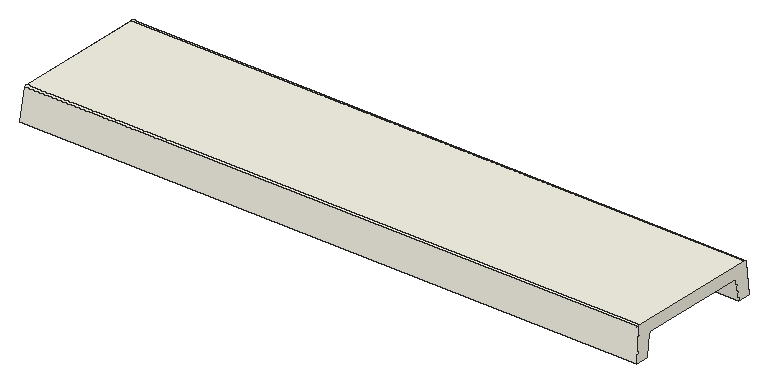
Revit family "Albardilla MAP remate.C-1", category Modelos genéricos, Revit 2020
Family settings
  Puede alojar armadura = No
  Cota de conector redondo = Diámetro de uso
  Tipo de pieza = Normal
  Se basa en plano de trabajo = No
  Siempre vertical = No
  Corte con vacíos al cargar = No
  Compartido = No
  Punto de cálculo de habitación = No
Parameters (values of type "RMAP12")
  Visibilidad una fila = if(Ancho < 290 mm, 2 = 2, 2 = 3)  # yes
  Visibilidad dos filas = if(Ancho < 290 mm, 2 = 3, 2 = 2)  # no
  Mitad = Ancho total / 2  # 85 mm
  Longitud vaciado = if(Ancho > 250 mm, 485 mm, 735 mm)  # 735 mm
  Descripción = "Pieza de hormigón polímero con anclaje de acero inoxidable."
  URL = "https://www.ulmaarchitectural.com/es-es"
  Nº filas anclajes [instance] = 2  # constant formula
  Modelo = "Albardilla MAP12 remate"
  Material = Hormigón polímero STONEO. Color C-1
  Longitud real [instance] = if(Ancho > 250 mm, 500 mm, 750 mm)  # 750 mm
  Fabricante = "ULMA Architectural Solutions"
  Elevación por defecto = 0 mm
  Dist. entre anclajes [instance] = if(Longitud real < 700 mm, 280 mm, 470 mm)  # 470 mm
  Dist primer anclaje [instance] = if(Longitud real < 700 mm, 125 mm, 150 mm)  # 150 mm
  Código de montaje = "RMAP12"
  Ancho vaciado = Ancho total - 30 mm  # 140 mm
  Ancho total = Ancho + 50 mm  # 170 mm
  Ancho doble = Ancho / 4  # 30 mm
  Ancho = 120 mm
  Altura = if(Ancho > 250 mm, 46 mm, 44 mm)  # 44 mm
Types (8, lengths in mm): name | Visibilidad una fila | Visibilidad dos filas | Mitad | Longitud vaciado | Modelo | Longitud real | Dist. entre anclajes | Dist primer anclaje | Código de montaje | Ancho vaciado | Ancho total | Ancho doble | Ancho | Altura
  (no name) | yes | no | 85 | 735 | "Albardilla MAP12 remate" | 750 | 470 | 150 | "RMAP12" | 140 | 170 | 30 | 120 | 44
  RMAP12 | yes | no | 85 | 735 | "Albardilla MAP12 remate" | 750 | 470 | 150 | "RMAP12" | 140 | 170 | 30 | 120 | 44
  RMAP14 | yes | no | 95 | 735 | "Albardilla MAP14 remate" | 750 | 470 | 150 | "RMAP14" | 160 | 190 | 35 | 140 | 44
  RMAP17 | yes | no | 110 | 735 | "Albardilla MAP17 remate" | 750 | 470 | 150 | "RMAP17" | 190 | 220 | 42.5 | 170 | 44
  RMAP22 | yes | no | 135 | 735 | "Albardilla MAP22 remate" | 750 | 470 | 150 | "RMAP22" | 240 | 270 | 55 | 220 | 44
  RMAP25 | yes | no | 155 | 485 | "Albardilla MAP25 remate" | 500 | 280 | 125 | "RMAP25" | 280 | 310 | 65 | 260 | 46
  RMAP30 | no | yes | 180 | 485 | "Albardilla MAP30 remate" | 500 | 280 | 125 | "RMAP30" | 330 | 360 | 77.5 | 310 | 46
  RMAP19 | yes | no | 120 | 735 | "Albardilla MAP19 remate" | 750 | 470 | 150 | "RMAP19" | 210 | 240 | 47.5 | 190 | 44
Reference planes
  plane 1 "Centro (Frontal/Posterior)": y = 0
  plane 2: z = 0
  plane 3 "Centro (Izquierda/Derecha)": x = 0
  plane 4: y = 30
  plane 5: y = -30
  plane 6: x = 85
Forms (mm)
  Extrusion 1, solid, material "Hormigón polímero STONEO. Color C-1" <- "Material"
    sketch origin (0, 0, 0) x (0, 1, 0) y (0, 0, 1)
      loop
        line (85, 0) -> (81.66, 38.174)
        arc (81.66, 38.174) -> (81.019, 39.475) -> (79.668, 40) r 2
        line (79.668, 40) -> (-79.668, 40)
        arc (-79.668, 40) -> (-81.019, 39.475) -> (-81.66, 38.174) r 2
        line (-81.66, 38.174) -> (-85, 0) -> (85, 0)
    from 0 to 750
  Extrusion 2, void
    sketch origin (0, 0, 0) x (1, 0, 0) y (0, 0, 1)
      loop
        line (0, 0) -> (3.372, 38.542)
        arc (3.372, 38.542) -> (3.986, 39.817) -> (5.289, 40.366) r 2
        line (5.289, 40.366) -> (85, 44) -> (85, 116) -> (-175, 116) -> (-175, 0) -> (0, 0)
    from -248.175 to 250
  Sweep 3, void
    path origin (0, 85, 0) x (-1, 0, 0) y (0, -1, 0)
      loop
        line (-750, 0) -> (-15, 0)
    profile origin (382.5, 85, 0) x (0, -1, 0) y (0, 0, 1)
      loop
        line (155, 0) -> (150.707, 24.347)
        arc (150.707, 24.347) -> (150.023, 25.532) -> (148.737, 26) r 2
        line (148.737, 26) -> (21.263, 26)
        arc (21.263, 26) -> (19.977, 25.532) -> (19.293, 24.347) r 2
        line (19.293, 24.347) -> (15, 0) -> (155, 0)
Cuts and joins
  Extrusion 2, Sweep 3 cuts Extrusion 1
Dimensions and locks
  "Longitud real": Extrusion 1 to Extrusion 1
  group 1 to group 2 = 470 mm
  group 1 to group 2 = 0 mm  (x2)
  "Ancho doble": plane 4 to plane 1 "Centro (Frontal/Posterior)" to plane 5
  "Dist primer anclaje": Extrusion 1 to nested 3
  group 3 to group 4 = 470 mm
  group 3 to group 4 = 0 mm  (x2)
  "Dist. entre anclajes": nested 3 to nested 4
  "Dist primer anclaje": plane 3 "Centro (Izquierda/Derecha)" to nested 5
  group 5 to group 6 = 470 mm
  group 5 to group 6 = 0 mm  (x2)
  "Dist. entre anclajes": nested 5 to nested 6
  "Dist. entre anclajes": nested 1 to nested 2
  "Dist primer anclaje": Extrusion 1 to nested 1
  "Mitad": plane 6 to plane 3 "Centro (Izquierda/Derecha)"
  Extrusion 2 sketch curve to level = 116 mm
  Extrusion 2 sketch curve to plane 6 = 260 mm
  "Ancho total": Extrusion 1 sketch curve to Extrusion 1 sketch curve
  equal spacing: Extrusion 1 sketch curve, plane 1 "Centro (Frontal/Posterior)", Extrusion 1 sketch curve
  "Altura": Extrusion 2 sketch curve to cut or joined group of Extrusion 1, Extrusion 2, Sweep 3
  Extrusion 2 sketch curve to Extrusion 2 sketch curve = 40.366 mm
  "Longitud vaciado": Sweep 3 sketch curve to cut or joined group of Extrusion 1, Extrusion 2, Sweep 3
  cut or joined group of Extrusion 1, Extrusion 2, Sweep 3 to Sweep 3 sketch curve = 26 mm
  Sweep 3 sketch curve to profile plane = 15 mm
  "Ancho vaciado": Sweep 3 sketch curve to Sweep 3 sketch curve
  radius of Extrusion 2 sketch curve = 2 mm
  radius of Sweep 3 sketch curve = 2 mm  (x2)
  radius of Extrusion 1 sketch curve = 2 mm  (x2)
  angle level to Extrusion 2 sketch curve = 85.00°
  angle Sweep 3 sketch curve to cut or joined group of Extrusion 1, Extrusion 2, Sweep 3 = 100.00°
  angle Sweep 3 sketch curve to cut or joined group of Extrusion 1, Extrusion 2, Sweep 3 = 80.00°
  aligned and locked: level to plane 2
  aligned and locked: level to Extrusion 1 sketch curve
  aligned and locked: nested 1 to plane 1 "Centro (Frontal/Posterior)"
  aligned and locked: plane 4 to nested 3
  aligned and locked: plane 4 to nested 4
  aligned and locked: plane 5 to nested 5
  aligned and locked: plane 5 to nested 6
  aligned and locked: plane 3 "Centro (Izquierda/Derecha)" to cut or joined group of Extrusion 1, Extrusion 2, Sweep 3
  aligned and locked: Sweep 3 sketch curve to profile plane
  aligned and locked: cut or joined group of Extrusion 1, Extrusion 2, Sweep 3 to nested 6
  aligned and locked: cut or joined group of Extrusion 1, Extrusion 2, Sweep 3 to nested 5
  aligned and locked: cut or joined group of Extrusion 1, Extrusion 2, Sweep 3 to nested 2
  aligned and locked: cut or joined group of Extrusion 1, Extrusion 2, Sweep 3 to nested 1
  aligned and locked: nested 4 to cut or joined group of Extrusion 1, Extrusion 2, Sweep 3
  aligned and locked: nested 3 to cut or joined group of Extrusion 1, Extrusion 2, Sweep 3
Automatic sketch dimensions
  Extrusion 2 sketch curve to level = 0 mm
  Extrusion 2 sketch curve to plane 3 "Centro (Izquierda/Derecha)" = 0 mm
  Extrusion 2 sketch curve to plane 6 = 0 mm
  plane 3 "Centro (Izquierda/Derecha)" to Extrusion 2 sketch curve = 3.372 mm
  Extrusion 2 sketch curve to Extrusion 2 sketch curve = 1.917 mm
  Sweep 3 sketch curve to Extrusion 1 = 0 mm
  Extrusion 1 to Sweep 3 sketch curve = 0 mm
  Sweep 3 sketch curve to Sweep 3 sketch curve = 1.97 mm
  profile plane to Sweep 3 sketch curve = 24.347 mm
  Extrusion 1 sketch curve to Extrusion 1 sketch curve = 3.34 mm
  Extrusion 1 sketch curve to Extrusion 1 sketch curve = 5.332 mm
  Extrusion 1 sketch curve to Extrusion 1 sketch curve = 1.992 mm
  Extrusion 1 sketch curve to Extrusion 1 sketch curve = 1.826 mm
  level to Extrusion 1 sketch curve = 38 mm
Nested families
  nested 1: "Anclaje inoxidable tapas (150x100)" at (150, 0, 26) x (0, 1, 0) z (0, 0, 1), visible <- "Visibilidad una fila", type "Anclaje inoxidable tapas (150x100)"
  nested 2: "Anclaje inoxidable tapas (150x100)" at (620, 0, 26) x (0, 1, 0) z (0, 0, 1), visible <- "Visibilidad una fila", type "Anclaje inoxidable tapas (150x100)"
  nested 3: "Anclaje inoxidable tapas (150x100)" at (150, 30, 26) x (0, 1, 0) z (0, 0, 1), visible <- "Visibilidad dos filas", type "Anclaje inoxidable tapas (150x100)"
  nested 4: "Anclaje inoxidable tapas (150x100)" at (620, 30, 26) x (0, 1, 0) z (0, 0, 1), visible <- "Visibilidad dos filas", type "Anclaje inoxidable tapas (150x100)"
  nested 5: "Anclaje inoxidable tapas (150x100)" at (150, -30, 26) x (0, 1, 0) z (0, 0, 1), visible <- "Visibilidad dos filas", type "Anclaje inoxidable tapas (150x100)"
  nested 6: "Anclaje inoxidable tapas (150x100)" at (620, -30, 26) x (0, 1, 0) z (0, 0, 1), visible <- "Visibilidad dos filas", type "Anclaje inoxidable tapas (150x100)"
Definition of nested family "Anclaje inoxidable tapas (150x100)"
  Parameters (values of type "Anclaje inoxidable tapas (150x100)")
    URL = "https://www.ulmaarchitectural.com/es-es"
    Model = "Sujeción anclaje inoxidable tapas (150x100) SPE"
    Material = none
    Manufacturer = "ULMA"
    Default Elevation = 0 mm
    Assembly Code = "901250015"
  Reference planes
    plane 1 "Centro (Frontal/Posterior)": y = 0
    plane 2: z = 0
    plane 3 "Centro (Izquierda/Derecha)": x = 0
  Dimensions and locks
    aligned and locked: level to plane 2
    aligned and locked: level to import instance
